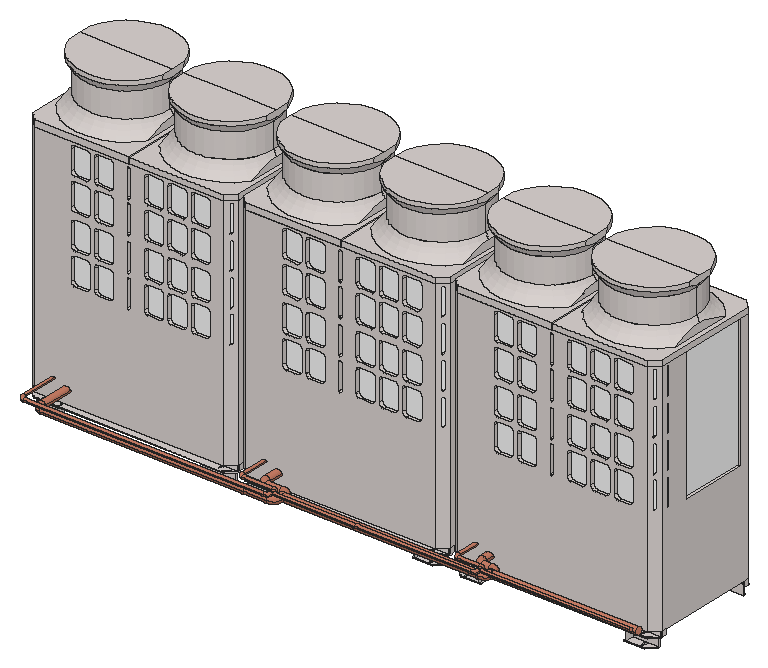
Revit family "PUHY-EP1100YSNW-A", category Mechanical Equipment, Revit 2012 (continued)
Definition of nested family "PUHY-EP350YNW-A"
  Dimensions and locks
    cut or joined group 1 (Extrusion 1, Extrusion 2, Extrusion 3, Extrusion 4, Extrusion 5, Extrusion 6, Extrusion 7, Extrusion 8, Extrusion 9, Extrusion 10, Extrusion 11, Extrusion 12, Extrusion 13, Extrusion 14, Extrusion 15, Extrusion 16, Extrusion 17, Extrusion 18, Extrusion 19, Extrusion 20, Extrusion 21, Extrusion 22, Extrusion 23, Extrusion 24, Extrusion 25, Extrusion 26, Extrusion 27, Extrusion 28, Extrusion 29, Extrusion 30, Extrusion 31, Extrusion 32, Extrusion 33) to plane 3 "Center (Left/Right)" = 620 mm
    Extrusion 1 sketch curve to Extrusion 1 sketch curve = 1240 mm
    cut or joined group 1 to plane 8 = 185 mm
    cut or joined group 1 to plane 7 = 166 mm
    cut or joined group 1 to plane 6 = 110 mm
    cut or joined group 1 to plane 12 to cut or joined group 1 = 805 mm, 621 mm
    plane 5 to plane 2 = 1858 mm  (x2)
    cut or joined group 1 to plane 19 "132" = 132 mm
    cut or joined group 1 to plane 22 = 207 mm
    cut or joined group 1 to plane 23 = 256 mm
    cut or joined group 1 to plane 6 = 60 mm
    cut or joined group 1 to cut or joined group 1 = 42.154 mm
    cut or joined group 1 to cut or joined group 1 = 11.895 mm
    nested 1 to nested 3 to level = 1798 mm, 60 mm
    nested 1 to nested 1 = 303 mm
    nested 1 to nested 3 = 1495 mm
    nested 8 to nested 8 to nested 8 to nested 7 to nested 7 to nested 7 = 54 mm, 20 mm, 592 mm, 20 mm, 54 mm
    nested 3 to nested 3 = 56 mm
    plane 11 to plane 31 to plane 32 to cut or joined group 1 = 90 mm, 1060 mm, 90 mm
    curve 103 to nested 7 = 90 mm
    curve 104 to nested 7 = 125 mm
    curve 101 to nested 7 = 100 mm
    curve 11 to curve 13 to nested 7 = 84 mm, 71 mm
    cut or joined group 1 to curve 12 to curve 14 = 125 mm, 148 mm
    nested 2 to nested 7 = 1495 mm
    curve 87 to cut or joined group 1 = 152 mm
    curve 88 to cut or joined group 1 = 172 mm
    curve 89 to cut or joined group 1 = 216 mm
    cut or joined group 1 to curve 4 to curve 2 = 128 mm, 150 mm
    cut or joined group 1 to curve 1 to curve 3 = 79 mm, 94 mm
    Extrusion 32 sketch curve to nested 7 = 116 mm
    cut or joined group 1 to Extrusion 32 sketch curve = 160 mm
    cut or joined group 1 to Extrusion 33 sketch curve = 243 mm
    Extrusion 33 sketch curve to nested 7 = 116 mm
    cut or joined group 1 to cut or joined group 1 = 740 mm
    plane 30 to plane 4 = 740 mm
    aligned and locked: level to plane 2
    aligned and locked: Extrusion 1 to plane 4
  Nested families
    nested 1: "FAN GUARD" at (-311.5, 2, 860), type "FAN GUARD"
      with WIDTH 870 mm
    nested 2: "FAN GUARD" at (311.5, 2, 860) x (-1, 0, 0) z (0, 0, 1), type "FAN GUARD"
      with WIDTH 870 mm
    nested 3: "ATTACHMENT LEG" at (-524, -349, 0), type "ATTACHMENT LEG"
    nested 4: "ATTACHMENT LEG" at (-524, 349, 0), type "ATTACHMENT LEG"
    nested 5: "ATTACHMENT LEG" at (524, -349, 0) x (-1, 0, 0) z (0, 0, 1), type "ATTACHMENT LEG"
    nested 6: "ATTACHMENT LEG" at (524, 349, 0) x (-1, 0, 0) z (0, 0, 1), type "ATTACHMENT LEG"
    nested 7: "BASE LEG_L_" at (0, -352, 60), type "BASE LEG_L_"
      with Width 1240 mm
    nested 8: "BASE LEG_L_" at (0, 352, 60), type "BASE LEG_L_"
      with Width 1240 mm
  Connectors
    piping at (-460, -191, 176), driven by "Liquid pipe_radius"
      settings: on cut or joined group 1, index 3, connector radius 12.7 mm, flow factor 0, pipe flow 0.0 L/s, pressure drop 0.0 Pa, fitting loss kfactor 0, connector angle 0.00°, fixture units 0, engagement length 0 mm, flow configuration 0, flow direction 0, fitting loss method 0, system type 22, joint type 0, gender type 0, connector reference index -1, connector utility 0, adjustable connector no, is connector primary yes, fitting loss table "", connector description "Refrigerant service valve<Liquid pipe>"
    piping at (-377, -191, 176), driven by "Gas pipe_radius"
      settings: on cut or joined group 1, index 4, connector radius 14.29 mm, flow factor 0, pipe flow 0.0 L/s, pressure drop 0.0 Pa, fitting loss kfactor 0, connector angle 0.00°, fixture units 0, engagement length 0 mm, flow configuration 0, flow direction 0, fitting loss method 0, system type 22, joint type 0, gender type 0, connector reference index -1, connector utility 0, adjustable connector no, is connector primary no, fitting loss table "", connector description "Refrigerant service valve<Gas>"
    electrical at (0, -370, 808)
      settings: on cut or joined group 1, index 5, voltage 0 V, apparent load 0 VA, apparent load phase1 0 VA, apparent load phase2 0 VA, apparent load phase3 0 VA, power factor 1, load classification "HVAC", number of poles 1, system type 30, power factor state 1, is connector primary yes, connector utility no, sub classification motor no, connector description ""
  Definition of nested family "FAN GUARD"
    Parameters (values of type "FAN GUARD")
      WIDTH [instance] = 870 mm
    Reference planes
      plane 1 "中心(正面/背面)": y = -2
      plane 2: z = 0
      plane 3 "ファンガード基準面": z = 661
      plane 4: y = 368
      plane 5: x = 366
      plane 6: x = -375
      plane 7 "ファンガード基準上面": z = 695
      plane 8 "ファンガード上面": z = 998
      plane 9: x = -273.971
      plane 10: x = 308.5
      plane 11: x = -308.5
      plane 12: x = 0
    Forms (mm)
      Extrusion 1, solid, material "Paint_5Y 8/1"
        sketch origin (85, 0, 661) x (-1, 0, 0) y (0, -1, 0)
          loop
            line (343.5, -368) -> (393.5, -318) -> (393.5, 322) -> (343.5, 372) -> (-223.5, 372) -> (-223.5, -368) -> (343.5, -368)
        from 0 to 34
      Revolve 2, solid, material "Paint_5Y 8/1"
        sketch origin (0, -2, 0) x (1, 0, 0) y (0, 0, 1)
          loop
            line (0, 695) -> (0, 998) -> (-290, 998) -> (-290, 972.327) -> (-260, 928.372) -> (-260, 777.384)
            arc (-260, 777.384) -> (-290.651, 730.137) -> (-334.665, 695) r 175.882
            line (-334.665, 695) -> (0, 695)
          axis (0, 998) -> (0, 695)
        angle from 0 to 360
      Extrusion 3, void
        sketch origin (-840, 75, 695) x (-1, 0, 0) y (0, -1, 0)
          loop
            line (-410, -165) -> (-410, 315) -> (-561.253, 315) -> (-561.253, -165) -> (-410, -165)
        from -35 to 430.592
      Extrusion 4, void
        sketch origin (840, 75, 695) x (1, 0, 0) y (0, 1, 0)
          loop
            line (-410, 165) -> (-561.253, 165) -> (-561.253, -315) -> (-410, -315) -> (-410, 165)
        from 0 to 430.592
    Cuts and joins
      Extrusion 3, Extrusion 4 cuts Revolve 2
      Extrusion 4 cuts Extrusion 1
    Lines and regions (mm)
      model lines
        curve 1: line (-278.747, 0, 998) -> (-80, 0, 998)
        curve 2: line (80, 0, 998) -> (278.747, 0, 998)
        curve 3: circle (0, 0, 998) r 80 normal (0, 0, 1)
        curve 4: line (-278.747, -80, 998) -> (278.747, -80, 998)
        curve 5: line (-241.868, -160, 998) -> (241.868, -160, 998)
        curve 6: line (-162.788, -240, 998) -> (162.788, -240, 998)
        curve 7: line (-278.747, 80, 998) -> (278.747, 80, 998)
        curve 8: line (-241.868, 160, 998) -> (240, 160, 998)
        curve 9: line (-160, 240, 998) -> (162.788, 240, 998)
        curve 10: line (0, 290, 998) -> (0, -290, 998)
        curve 11: line (-20, 289.31, 998) -> (-20, -289.31, 998)
        curve 12: line (-40, 287.228, 998) -> (-40, -287.228, 998)
        curve 13: line (-60, 283.725, 998) -> (-60, -283.725, 998)
        curve 14: line (-80, 278.747, 998) -> (-80, -278.747, 998)
        curve 15: line (20, 289.31, 998) -> (20, -289.31, 998)
        curve 16: line (40, 287.228, 998) -> (40, -287.228, 998)
        curve 17: line (60, 283.725, 998) -> (60, -283.725, 998)
        curve 18: line (80, 278.747, 998) -> (80, -278.747, 998)
        curve 19: line (100, 272.213, 998) -> (100, -272.213, 998)
        curve 20: line (120, 264.008, 998) -> (120, -264.008, 998)
        curve 21: line (140, 253.969, 998) -> (140, -253.969, 998)
        curve 22: line (160, 241.868, 998) -> (160, -243.132, 998)
        curve 23: line (180, 227.376, 998) -> (180, -227.624, 998)
        curve 24: line (200, 210, 998) -> (200, -210, 998)
        curve 25: line (220, 188.944, 998) -> (220, -188.944, 998)
        curve 26: line (240, 160, 998) -> (240, -162.788, 998)
        curve 27: line (260, 128.452, 998) -> (260, -128.452, 998)
        curve 28: line (-100, 272.213, 998) -> (-100, -272.213, 998)
        curve 29: line (-120, 264.008, 998) -> (-120, -264.008, 998)
        curve 30: line (-140, 253.969, 998) -> (-140, -253.969, 998)
        curve 31: line (-160, 240, 998) -> (-160, -241.868, 998)
        curve 32: line (-180, 227.376, 998) -> (-180, -227.376, 998)
        curve 33: line (-200, 210, 998) -> (-200, -210, 998)
        curve 34: line (-220, 188.944, 998) -> (-220, -188.944, 998)
        curve 35: line (-240, 162.788, 998) -> (-240, -162.788, 998)
        curve 36: line (-260, 128.452, 998) -> (-260, -128.452, 998)
        curve 37: line (10, 79.373, 998) -> (10, -79.373, 998)
        curve 38: line (-10, 79.373, 998) -> (-10, -79.373, 998)
        curve 39: line (30, 74.162, 998) -> (30, -74.162, 998)
        curve 40: line (50, 62.45, 998) -> (50, -62.45, 998)
        curve 41: line (70, 38.73, 998) -> (70, -38.73, 998)
        curve 42: line (-30, 74.162, 998) -> (-30, -74.162, 998)
        curve 43: line (-50, 62.45, 998) -> (-50, -62.45, 998)
        curve 44: line (-70, 38.73, 998) -> (-70, -38.73, 998)
    Dimensions and locks
      locked: plane 8 "ファンガード上面" to plane 7 "ファンガード基準上面" at 303
      plane 8 "ファンガード上面" to plane 3 "ファンガード基準面" = 337 mm
      Revolve 2 sketch curve to Revolve 2 sketch curve = 290 mm
      Extrusion 1 sketch curve to Extrusion 1 sketch curve = 740 mm
      equal spacing: Extrusion 1 sketch curve, plane 1 "中心(正面/背面)", Extrusion 1 sketch curve
      plane 6 to plane 5 = 741 mm
      Extrusion 1 sketch curve to Extrusion 1 sketch curve = 617 mm
      plane 11 to plane 10 = 617 mm
      cut or joined group of Extrusion 1, Extrusion 4 to cut or joined group of Extrusion 1, Extrusion 4 = 617 mm
      cut or joined group of Extrusion 1, Extrusion 4 to cut or joined group of Extrusion 1, Extrusion 4 = 740 mm
      aligned and locked: level to plane 2
      aligned and locked: plane 7 "ファンガード基準上面" to Extrusion 1
      aligned and locked: plane 3 "ファンガード基準面" to Extrusion 1
      aligned and locked: cut or joined group of Revolve 2, Extrusion 3, Extrusion 4 to plane 8 "ファンガード上面"
  Definition of nested family "ATTACHMENT LEG"
    Parameters (values of type "ATTACHMENT LEG")
      Width = 145 mm
    Reference planes
      plane 1: z = 0
      plane 2 "中心(左/右)": x = -6
      plane 3: x = -52
      plane 4: x = 85
      plane 5: x = 93
      plane 6: y = -21
      plane 7: y = 27
      plane 8: x = -30
      plane 9: y = 39
      plane 10: z = 60
      plane 11: z = 57
      plane 12: z = 3
      plane 13: x = 82
      plane 14: y = 36
      plane 15: x = -75
      plane 16: y = 31
      plane 17 "幅": x = 93
      plane 18: y = 2.5
      plane 19: y = 21
      plane 20: y = -10
    Forms (mm)
      Extrusion 1, solid, material "Paint_5Y 8/1"
        sketch origin (0, -1, 0) x (1, 0, 0) y (0, 1, 0)
          loop
            line (-75, 36) -> (-75, 27) -> (-28, -20) -> (93, -20) -> (93, 32) -> (85, 32) -> (85, 36) -> (-75, 36)
        from 0 to 60
      Extrusion 2, void
        sketch origin (0, -3, 0) x (1, 0, 0) y (0, 0, 1)
          loop
            line (-75, 57) -> (-75, 3) -> (82, 3) -> (82, 57) -> (-75, 57)
          loop
            line (93, 57) -> (85, 57) -> (85, 3) -> (93, 3) -> (93, 57)
        from -35 to 18
      Extrusion 3, void
        sketch origin (-6, 5.5, 0) x (1, 0, 0) y (0, 1, 0)
          loop
            arc (-7, -8.5) -> (0, -15.5) -> (7, -8.5) r 7
            line (7, -8.5) -> (7, 8.5)
            arc (7, 8.5) -> (0, 15.5) -> (-7, 8.5) r 7
            line (-7, 8.5) -> (-7, -8.5)
        from 0 to 60
    Cuts and joins
      Extrusion 2, Extrusion 3 cuts Extrusion 1
    Dimensions and locks
      locked: plane 3 to plane 4 at 137
      locked: plane 3 to plane 5 at 145
      plane 6 to plane 7 = 48 mm
      locked: plane 10 to level at 60
      Extrusion 3 sketch curve to plane 2 "中心(左/右)" = 7 mm
      locked: plane 15 to plane 2 "中心(左/右)" at 69
      locked: plane 15 to plane 8 at 45
      locked: plane 6 to plane 18 at 23.5
      cut or joined group of Extrusion 1, Extrusion 2, Extrusion 3 to cut or joined group of Extrusion 1, Extrusion 2, Extrusion 3 = 168 mm
      cut or joined group of Extrusion 1, Extrusion 2, Extrusion 3 to cut or joined group of Extrusion 1, Extrusion 2, Extrusion 3 = 56 mm  (x2)
      plane 14 to plane 6 = 57 mm
      aligned and locked: level to plane 1
      aligned and locked: Extrusion 1 sketch curve to plane 4
      aligned and locked: Extrusion 1 sketch curve to plane 5
      aligned: plane 8 to Extrusion 1 sketch curve
      aligned and locked: plane 10 to Extrusion 1
      aligned and locked: Extrusion 2 sketch curve to plane 11
      aligned: plane 3 to Extrusion 2 sketch curve
      aligned and locked: plane 12 to Extrusion 2 sketch curve
      aligned and locked: Extrusion 2 sketch curve to plane 13
      aligned and locked: plane 6 to Extrusion 2
      aligned and locked: plane 11 to Extrusion 2 sketch curve
      aligned and locked: plane 5 to Extrusion 2 sketch curve
      aligned and locked: Extrusion 2 sketch curve to plane 12
      aligned and locked: Extrusion 2 sketch curve to plane 4
      aligned and locked: plane 15 to Extrusion 1 sketch curve
      aligned and locked: Extrusion 2 sketch curve to cut or joined group of Extrusion 1, Extrusion 2, Extrusion 3
      aligned and locked: Extrusion 1 to plane 16
  Definition of nested family "BASE LEG_L_"
    Parameters (values of type "BASE LEG_L_")
      Width [instance] = 1240 mm
    Reference planes
      plane 1 "中心(正面/背面)": y = 0
      plane 2: z = 0
      plane 3 "中心(左/右)": x = 0
      plane 4: x = 620
      plane 5: x = -620
      plane 6: x = -530
      plane 7: x = 530
      plane 8: y = -18
      plane 9: y = 39
      plane 10: z = 53
      plane 11: y = 42
      plane 12: y = 27
      plane 13: x = 575
      plane 14: x = -575
      plane 15: z = 8
      plane 16: y = 11.5
      plane 17: z = 35
    Forms (mm)
      Extrusion 1, solid, material "Paint_5Y 8/1"
        sketch origin (0, 0, 0) x (0, 1, 0) y (0, 0, 1)
          loop
            line (-18, 0) -> (36, 0) -> (36, 32) -> (56, 32) -> (56, 35) -> (33, 35) -> (33, 3) -> (-18, 3) -> (-18, 0)
        from -620 to 620
      Extrusion 2, void
        sketch origin (0, 0, 0) x (1, 0, 0) y (0, 1, 0)
          loop
            line (575, -18) -> (620, -18) -> (620, 27) -> (575, -18)
          loop
            line (-575, -18) -> (-620, 27) -> (-620, -18) -> (-575, -18)
        from 0 to 250
      Extrusion 3, void
        sketch origin (0, 12.023, 0) x (1, 0, 0) y (0, 1, 0)
          loop
            arc (523, -2.971) -> (530, -9.971) -> (537, -2.971) r 7
            line (537, -2.971) -> (537, 3.023)
            arc (537, 3.023) -> (530, 10.023) -> (523, 3.023) r 7
            line (523, 3.023) -> (523, -2.971)
          loop
            line (-523, -2.971) -> (-523, 3.023)
            arc (-523, 3.023) -> (-530, 10.023) -> (-537, 3.023) r 7
            line (-537, 3.023) -> (-537, -2.971)
            arc (-537, -2.971) -> (-530, -9.971) -> (-523, -2.971) r 7
        from 0 to 250
      Extrusion 4, solid, material "Paint_5Y 8/1"
        sketch origin (0, 0, -3) x (1, 0, 0) y (0, 0, 1)
          loop
            line (617, 8) -> (620, 8) -> (620, 35) -> (617, 35) -> (617, 8)
          loop
            line (-617, 8) -> (-617, 35) -> (-620, 35) -> (-620, 8) -> (-617, 8)
        from -36 to -56
      Extrusion 5, solid, material "Paint_5Y 8/1"
        sketch origin (150, 352, 0) x (1, 0, 0) y (0, 1, 0)
          loop
            line (460, -319) -> (455, -319) -> (455, -320) -> (405, -370) -> (410, -370) -> (460, -320) -> (460, -319)
        from 3 to 35
      Extrusion 6, void
        sketch origin (560, -18, 0) x (0.707107, 0.707107, 0) y (0, 0, 1)
          loop
            line (70.711, 3) -> (-6.741, 39.767) -> (-6.741, 3) -> (70.711, 3)
        from -190.256 to 23.776
      Extrusion 7, solid, material "Paint_5Y 8/1"
        sketch origin (-150, 352, 0) x (-1, 0, 0) y (0, -1, 0)
          loop
            line (460, 319) -> (460, 320) -> (410, 370) -> (405, 370) -> (455, 320) -> (455, 319) -> (460, 319)
        from 3 to 35
      Extrusion 8, void
        sketch origin (-560, -18, 0) x (0.707107, -0.707107, 0) y (0, 0, -1)
          loop
            line (-70.711, -3) -> (0, -35) -> (6.741, -35) -> (6.741, -3) -> (-70.711, -3)
        from -190.256 to 23.776
    Cuts and joins
      Extrusion 2, Extrusion 3 cuts Extrusion 1
      joined: Extrusion 1, Extrusion 4
      Extrusion 8 cuts Extrusion 7
      Extrusion 6 cuts Extrusion 5
    Dimensions and locks
      "Width": plane 5 to plane 4
      equal spacing: plane 5, plane 3 "中心(左/右)", plane 4
      locked: plane 5 to plane 6 at 90
      locked: plane 7 to plane 4 at 90
      locked: plane 8 to plane 9 at 57
      locked: plane 10 to level at 53
      locked: plane 9 to plane 11 at 3
      plane 8 to plane 12 = 45 mm
      locked: plane 13 to plane 4 at 45
      locked: plane 5 to plane 14 at 45
      equal spacing: Extrusion 3 sketch curve, plane 7, Extrusion 3 sketch curve
      equal spacing: Extrusion 3 sketch curve, plane 6, Extrusion 3 sketch curve
      locked: plane 10 to plane 15 at 45
      locked: cut or joined group of Extrusion 1, Extrusion 2, Extrusion 3, Extrusion 4 to Extrusion 4 sketch curve at 3  (x2)
      locked: plane 8 to plane 16 at 29.5
      plane 8 to plane 11 = 60 mm
      cut or joined group of Extrusion 1, Extrusion 2, Extrusion 3, Extrusion 4 to cut or joined group of Extrusion 1, Extrusion 2, Extrusion 3, Extrusion 4 = 35 mm
      aligned and locked: level to plane 2
      aligned and locked: plane 8 to Extrusion 1 sketch curve
      aligned and locked: plane 4 to Extrusion 1
      aligned and locked: Extrusion 1 to plane 5
      aligned and locked: Extrusion 2 sketch curve to plane 4
      aligned and locked: Extrusion 2 sketch curve to plane 8
      aligned and locked: plane 12 to Extrusion 2 sketch curve
      aligned and locked: plane 13 to Extrusion 2 sketch curve
      aligned and locked: plane 4 to Extrusion 4 sketch curve
      aligned and locked: plane 5 to Extrusion 4 sketch curve
      aligned and locked: cut or joined group of Extrusion 7, Extrusion 8 to cut or joined group of Extrusion 1, Extrusion 2, Extrusion 3, Extrusion 4
    Automatic sketch dimensions
      Extrusion 3 sketch curve to plane 1 "中心(正面/背面)" = 9.052 mm  (x2)
      Extrusion 3 sketch curve to plane 7 = 7 mm
      Extrusion 3 sketch curve to plane 1 "中心(正面/背面)" = 15.046 mm  (x2)
      Extrusion 3 sketch curve to plane 6 = 7 mm
      Extrusion 2 sketch curve to plane 5 = 0 mm
      plane 8 to Extrusion 2 sketch curve = 0 mm
      Extrusion 2 sketch curve to plane 14 = 0 mm
      plane 12 to Extrusion 2 sketch curve = 0 mm
      Extrusion 4 sketch curve to plane 10 = 21 mm
      plane 7 to Extrusion 5 sketch curve = 25 mm
      Extrusion 5 sketch curve to Extrusion 5 sketch curve = 5 mm  (x2)
      plane 7 to Extrusion 5 sketch curve = 75 mm
      plane 8 to Extrusion 5 sketch curve = 0 mm
      Extrusion 5 sketch curve to Extrusion 5 sketch curve = 50 mm
      Extrusion 5 sketch curve to Extrusion 5 sketch curve = 0 mm
      Extrusion 5 sketch curve to Extrusion 5 sketch curve = 1 mm
      Extrusion 6 sketch curve to Extrusion 5 = 0 mm  (x2)
      Extrusion 6 sketch curve to Extrusion 5 = 6.741 mm
      Extrusion 6 sketch curve to Extrusion 5 = 4.767 mm
      plane 6 to Extrusion 7 sketch curve = 25 mm
      Extrusion 7 sketch curve to Extrusion 7 sketch curve = 5 mm  (x2)
      Extrusion 7 sketch curve to Extrusion 7 sketch curve = 45 mm
      Extrusion 7 sketch curve to plane 8 = 0 mm
      Extrusion 7 sketch curve to Extrusion 7 sketch curve = 50 mm
      Extrusion 7 sketch curve to Extrusion 7 sketch curve = 0 mm
      Extrusion 7 sketch curve to Extrusion 7 sketch curve = 1 mm
      Extrusion 8 sketch curve to Extrusion 7 = 0 mm  (x2)
      Extrusion 7 to Extrusion 8 sketch curve = 0 mm  (x2)
      Extrusion 7 to Extrusion 8 sketch curve = 6.741 mm
      Extrusion 4 sketch curve to plane 17 = 3 mm
      Extrusion 4 sketch curve to plane 15 = 3 mm  (x2)
      Extrusion 1 sketch curve to plane 17 = 0 mm
      Extrusion 1 sketch curve to level = 0 mm
      level to Extrusion 1 sketch curve = 3 mm
      plane 9 to Extrusion 1 sketch curve = 6 mm
      plane 9 to Extrusion 1 sketch curve = 3 mm
      Extrusion 1 sketch curve to plane 17 = 3 mm
      Extrusion 1 sketch curve to plane 11 = 14 mm
Definition of nested family "PUHY-EP400YNW-A"
  Parameters (values of type "PUHY-P400YNW-A")
    Model = "PUHY-P400YNW-A"
    URL = "http://www.mitsubishielectric.com/"
    Manufacturer = "Mitsubishi Electric Corporation"
    Liquid pipe_radius = 12.7 mm
    Gas pipe_radius = 14.29 mm
  Reference planes
    plane 1 "Center (Front/Back)": y = 0
    plane 2: z = 0
    plane 3 "Center (Left/Right)": x = 0
    plane 4: y = 370
    plane 5: z = 1858
    plane 6: y = -260
    plane 7: y = -204
    plane 8: y = -185
    plane 9: x = -620
    plane 10: x = 620
    plane 11: x = -620
    plane 12: z = 716
    plane 13: x = -524
    plane 14: z = 669
    plane 15: x = -50.5
    plane 16: x = 51
    plane 17: x = 489
    plane 18: x = 467
    plane 19 "132": x = 488
    plane 20 "100": z = 160
    plane 21: z = 185
    plane 22: x = 413
    plane 23: x = 364
    plane 24: z = 150
    plane 25: x = -287.25
    plane 26: x = -137.25
    plane 27: x = -272.25
    plane 28: y = -278
    plane 29: z = 1509
    plane 30: y = -370
    plane 31: x = -530
    plane 32: x = 530
    plane 33 "179": y = -191
  Forms (mm)
    Extrusion 1, solid, material "Paint_5Y 8/1"
      sketch origin (-1, 0, 113) x (-1, 0, 0) y (0, -1, 0)
        loop
          line (569, -370) -> (619, -320) -> (619, 320) -> (569, 370) -> (-571, 370) -> (-621, 320) -> (-621, -320) -> (-571, -370) -> (569, -370)
      from -18 to 1408
    Extrusion 2, void
      sketch origin (524, -370, 113) x (1, 0, 0) y (0, 0, -1)
        loop
          arc (-60.8, -1393.5) -> (-42.557, -1385.943) -> (-35, -1367.7) r 25.8
          line (-35, -1367.7) -> (-35, -1248.5)
          arc (-35, -1248.5) -> (-42.557, -1230.257) -> (-60.8, -1222.7) r 25.8
          line (-60.8, -1222.7) -> (-126, -1222.7)
          arc (-126, -1222.7) -> (-144.243, -1230.257) -> (-151.8, -1248.5) r 25.8
          line (-151.8, -1248.5) -> (-151.8, -1367.7)
          arc (-151.8, -1367.7) -> (-144.243, -1385.943) -> (-126, -1393.5) r 25.8
          line (-126, -1393.5) -> (-60.8, -1393.5)
      from 0 to 20
    Extrusion 3, void
      sketch origin (524, -370, -81) x (1, 0, 0) y (0, 0, -1)
        loop
          arc (-60.8, -1393.5) -> (-42.557, -1385.943) -> (-35, -1367.7) r 25.8
          line (-35, -1367.7) -> (-35, -1248.5)
          arc (-35, -1248.5) -> (-42.557, -1230.257) -> (-60.8, -1222.7) r 25.8
          line (-60.8, -1222.7) -> (-126, -1222.7)
          arc (-126, -1222.7) -> (-144.243, -1230.257) -> (-151.8, -1248.5) r 25.8
          line (-151.8, -1248.5) -> (-151.8, -1367.7)
          arc (-151.8, -1367.7) -> (-144.243, -1385.943) -> (-126, -1393.5) r 25.8
          line (-126, -1393.5) -> (-60.8, -1393.5)
      from 0 to 20
    Extrusion 4, void
      sketch origin (524, -370, -287) x (1, 0, 0) y (0, 0, -1)
        loop
          arc (-60.8, -1393.5) -> (-42.557, -1385.943) -> (-35, -1367.7) r 25.8
          line (-35, -1367.7) -> (-35, -1248.5)
          arc (-35, -1248.5) -> (-42.557, -1230.257) -> (-60.8, -1222.7) r 25.8
          line (-60.8, -1222.7) -> (-126, -1222.7)
          arc (-126, -1222.7) -> (-144.243, -1230.257) -> (-151.8, -1248.5) r 25.8
          line (-151.8, -1248.5) -> (-151.8, -1367.7)
          arc (-151.8, -1367.7) -> (-144.243, -1385.943) -> (-126, -1393.5) r 25.8
          line (-126, -1393.5) -> (-60.8, -1393.5)
      from 0 to 20
    Extrusion 5, void
      sketch origin (524, -370, -481) x (1, 0, 0) y (0, 0, -1)
        loop
          arc (-60.8, -1393.5) -> (-42.557, -1385.943) -> (-35, -1367.7) r 25.8
          line (-35, -1367.7) -> (-35, -1248.5)
          arc (-35, -1248.5) -> (-42.557, -1230.257) -> (-60.8, -1222.7) r 25.8
          line (-60.8, -1222.7) -> (-126, -1222.7)
          arc (-126, -1222.7) -> (-144.243, -1230.257) -> (-151.8, -1248.5) r 25.8
          line (-151.8, -1248.5) -> (-151.8, -1367.7)
          arc (-151.8, -1367.7) -> (-144.243, -1385.943) -> (-126, -1393.5) r 25.8
          line (-126, -1393.5) -> (-60.8, -1393.5)
      from 0 to 20
    Extrusion 6, void
      sketch origin (384, -370, 113) x (1, 0, 0) y (0, 0, -1)
        loop
          arc (-60.8, -1393.5) -> (-42.557, -1385.943) -> (-35, -1367.7) r 25.8
          line (-35, -1367.7) -> (-35, -1248.5)
          arc (-35, -1248.5) -> (-42.557, -1230.257) -> (-60.8, -1222.7) r 25.8
          line (-60.8, -1222.7) -> (-126, -1222.7)
          arc (-126, -1222.7) -> (-144.243, -1230.257) -> (-151.8, -1248.5) r 25.8
          line (-151.8, -1248.5) -> (-151.8, -1367.7)
          arc (-151.8, -1367.7) -> (-144.243, -1385.943) -> (-126, -1393.5) r 25.8
          line (-126, -1393.5) -> (-60.8, -1393.5)
      from 0 to 20
    Extrusion 7, void
      sketch origin (384, -370, -81) x (1, 0, 0) y (0, 0, -1)
        loop
          arc (-60.8, -1393.5) -> (-42.557, -1385.943) -> (-35, -1367.7) r 25.8
          line (-35, -1367.7) -> (-35, -1248.5)
          arc (-35, -1248.5) -> (-42.557, -1230.257) -> (-60.8, -1222.7) r 25.8
          line (-60.8, -1222.7) -> (-126, -1222.7)
          arc (-126, -1222.7) -> (-144.243, -1230.257) -> (-151.8, -1248.5) r 25.8
          line (-151.8, -1248.5) -> (-151.8, -1367.7)
          arc (-151.8, -1367.7) -> (-144.243, -1385.943) -> (-126, -1393.5) r 25.8
          line (-126, -1393.5) -> (-60.8, -1393.5)
      from 0 to 20
    Extrusion 8, void
      sketch origin (384, -370, -287) x (1, 0, 0) y (0, 0, -1)
        loop
          arc (-60.8, -1393.5) -> (-42.557, -1385.943) -> (-35, -1367.7) r 25.8
          line (-35, -1367.7) -> (-35, -1248.5)
          arc (-35, -1248.5) -> (-42.557, -1230.257) -> (-60.8, -1222.7) r 25.8
          line (-60.8, -1222.7) -> (-126, -1222.7)
          arc (-126, -1222.7) -> (-144.243, -1230.257) -> (-151.8, -1248.5) r 25.8
          line (-151.8, -1248.5) -> (-151.8, -1367.7)
          arc (-151.8, -1367.7) -> (-144.243, -1385.943) -> (-126, -1393.5) r 25.8
          line (-126, -1393.5) -> (-60.8, -1393.5)
      from 0 to 20
    Extrusion 9, void
      sketch origin (384, -370, -481) x (1, 0, 0) y (0, 0, -1)
        loop
          arc (-60.8, -1393.5) -> (-42.557, -1385.943) -> (-35, -1367.7) r 25.8
          line (-35, -1367.7) -> (-35, -1248.5)
          arc (-35, -1248.5) -> (-42.557, -1230.257) -> (-60.8, -1222.7) r 25.8
          line (-60.8, -1222.7) -> (-126, -1222.7)
          arc (-126, -1222.7) -> (-144.243, -1230.257) -> (-151.8, -1248.5) r 25.8
          line (-151.8, -1248.5) -> (-151.8, -1367.7)
          arc (-151.8, -1367.7) -> (-144.243, -1385.943) -> (-126, -1393.5) r 25.8
          line (-126, -1393.5) -> (-60.8, -1393.5)
      from 0 to 20
    Extrusion 10, void
      sketch origin (244, -370, 113) x (1, 0, 0) y (0, 0, -1)
        loop
          arc (-60.8, -1393.5) -> (-42.557, -1385.943) -> (-35, -1367.7) r 25.8
          line (-35, -1367.7) -> (-35, -1248.5)
          arc (-35, -1248.5) -> (-42.557, -1230.257) -> (-60.8, -1222.7) r 25.8
          line (-60.8, -1222.7) -> (-126, -1222.7)
          arc (-126, -1222.7) -> (-144.243, -1230.257) -> (-151.8, -1248.5) r 25.8
          line (-151.8, -1248.5) -> (-151.8, -1367.7)
          arc (-151.8, -1367.7) -> (-144.243, -1385.943) -> (-126, -1393.5) r 25.8
          line (-126, -1393.5) -> (-60.8, -1393.5)
      from 0 to 20
    Extrusion 11, void
      sketch origin (244, -370, -81) x (1, 0, 0) y (0, 0, -1)
        loop
          arc (-60.8, -1393.5) -> (-42.557, -1385.943) -> (-35, -1367.7) r 25.8
          line (-35, -1367.7) -> (-35, -1248.5)
          arc (-35, -1248.5) -> (-42.557, -1230.257) -> (-60.8, -1222.7) r 25.8
          line (-60.8, -1222.7) -> (-126, -1222.7)
          arc (-126, -1222.7) -> (-144.243, -1230.257) -> (-151.8, -1248.5) r 25.8
          line (-151.8, -1248.5) -> (-151.8, -1367.7)
          arc (-151.8, -1367.7) -> (-144.243, -1385.943) -> (-126, -1393.5) r 25.8
          line (-126, -1393.5) -> (-60.8, -1393.5)
      from 0 to 20
    Extrusion 12, void
      sketch origin (244, -370, -287) x (1, 0, 0) y (0, 0, -1)
        loop
          arc (-60.8, -1393.5) -> (-42.557, -1385.943) -> (-35, -1367.7) r 25.8
          line (-35, -1367.7) -> (-35, -1248.5)
          arc (-35, -1248.5) -> (-42.557, -1230.257) -> (-60.8, -1222.7) r 25.8
          line (-60.8, -1222.7) -> (-126, -1222.7)
          arc (-126, -1222.7) -> (-144.243, -1230.257) -> (-151.8, -1248.5) r 25.8
          line (-151.8, -1248.5) -> (-151.8, -1367.7)
          arc (-151.8, -1367.7) -> (-144.243, -1385.943) -> (-126, -1393.5) r 25.8
          line (-126, -1393.5) -> (-60.8, -1393.5)
      from 0 to 20
    Extrusion 13, void
      sketch origin (244, -370, -481) x (1, 0, 0) y (0, 0, -1)
        loop
          arc (-60.8, -1393.5) -> (-42.557, -1385.943) -> (-35, -1367.7) r 25.8
          line (-35, -1367.7) -> (-35, -1248.5)
          arc (-35, -1248.5) -> (-42.557, -1230.257) -> (-60.8, -1222.7) r 25.8
          line (-60.8, -1222.7) -> (-126, -1222.7)
          arc (-126, -1222.7) -> (-144.243, -1230.257) -> (-151.8, -1248.5) r 25.8
          line (-151.8, -1248.5) -> (-151.8, -1367.7)
          arc (-151.8, -1367.7) -> (-144.243, -1385.943) -> (-126, -1393.5) r 25.8
          line (-126, -1393.5) -> (-60.8, -1393.5)
      from 0 to 20
    Extrusion 14, void
      sketch origin (-56, -370, 113) x (1, 0, 0) y (0, 0, -1)
        loop
          arc (-60.8, -1393.5) -> (-42.557, -1385.943) -> (-35, -1367.7) r 25.8
          line (-35, -1367.7) -> (-35, -1248.5)
          arc (-35, -1248.5) -> (-42.557, -1230.257) -> (-60.8, -1222.7) r 25.8
          line (-60.8, -1222.7) -> (-126, -1222.7)
          arc (-126, -1222.7) -> (-144.243, -1230.257) -> (-151.8, -1248.5) r 25.8
          line (-151.8, -1248.5) -> (-151.8, -1367.7)
          arc (-151.8, -1367.7) -> (-144.243, -1385.943) -> (-126, -1393.5) r 25.8
          line (-126, -1393.5) -> (-60.8, -1393.5)
      from 0 to 20
    Extrusion 15, void
      sketch origin (-56, -370, -81) x (1, 0, 0) y (0, 0, -1)
        loop
          arc (-60.8, -1393.5) -> (-42.557, -1385.943) -> (-35, -1367.7) r 25.8
          line (-35, -1367.7) -> (-35, -1248.5)
          arc (-35, -1248.5) -> (-42.557, -1230.257) -> (-60.8, -1222.7) r 25.8
          line (-60.8, -1222.7) -> (-126, -1222.7)
          arc (-126, -1222.7) -> (-144.243, -1230.257) -> (-151.8, -1248.5) r 25.8
          line (-151.8, -1248.5) -> (-151.8, -1367.7)
          arc (-151.8, -1367.7) -> (-144.243, -1385.943) -> (-126, -1393.5) r 25.8
          line (-126, -1393.5) -> (-60.8, -1393.5)
      from 0 to 20
    Extrusion 16, void
      sketch origin (-56, -370, -287) x (1, 0, 0) y (0, 0, -1)
        loop
          arc (-60.8, -1393.5) -> (-42.557, -1385.943) -> (-35, -1367.7) r 25.8
          line (-35, -1367.7) -> (-35, -1248.5)
          arc (-35, -1248.5) -> (-42.557, -1230.257) -> (-60.8, -1222.7) r 25.8
          line (-60.8, -1222.7) -> (-126, -1222.7)
          arc (-126, -1222.7) -> (-144.243, -1230.257) -> (-151.8, -1248.5) r 25.8
          line (-151.8, -1248.5) -> (-151.8, -1367.7)
          arc (-151.8, -1367.7) -> (-144.243, -1385.943) -> (-126, -1393.5) r 25.8
          line (-126, -1393.5) -> (-60.8, -1393.5)
      from 0 to 20
    Extrusion 17, void
      sketch origin (-56, -370, -481) x (1, 0, 0) y (0, 0, -1)
        loop
          arc (-60.8, -1393.5) -> (-42.557, -1385.943) -> (-35, -1367.7) r 25.8
          line (-35, -1367.7) -> (-35, -1248.5)
          arc (-35, -1248.5) -> (-42.557, -1230.257) -> (-60.8, -1222.7) r 25.8
          line (-60.8, -1222.7) -> (-126, -1222.7)
          arc (-126, -1222.7) -> (-144.243, -1230.257) -> (-151.8, -1248.5) r 25.8
          line (-151.8, -1248.5) -> (-151.8, -1367.7)
          arc (-151.8, -1367.7) -> (-144.243, -1385.943) -> (-126, -1393.5) r 25.8
          line (-126, -1393.5) -> (-60.8, -1393.5)
      from 0 to 20
    Extrusion 18, void
      sketch origin (-196, -370, 113) x (1, 0, 0) y (0, 0, -1)
        loop
          arc (-60.8, -1393.5) -> (-42.557, -1385.943) -> (-35, -1367.7) r 25.8
          line (-35, -1367.7) -> (-35, -1248.5)
          arc (-35, -1248.5) -> (-42.557, -1230.257) -> (-60.8, -1222.7) r 25.8
          line (-60.8, -1222.7) -> (-126, -1222.7)
          arc (-126, -1222.7) -> (-144.243, -1230.257) -> (-151.8, -1248.5) r 25.8
          line (-151.8, -1248.5) -> (-151.8, -1367.7)
          arc (-151.8, -1367.7) -> (-144.243, -1385.943) -> (-126, -1393.5) r 25.8
          line (-126, -1393.5) -> (-60.8, -1393.5)
      from 0 to 20
    Extrusion 19, void
      sketch origin (-196, -370, -81) x (1, 0, 0) y (0, 0, -1)
        loop
          arc (-60.8, -1393.5) -> (-42.557, -1385.943) -> (-35, -1367.7) r 25.8
          line (-35, -1367.7) -> (-35, -1248.5)
          arc (-35, -1248.5) -> (-42.557, -1230.257) -> (-60.8, -1222.7) r 25.8
          line (-60.8, -1222.7) -> (-126, -1222.7)
          arc (-126, -1222.7) -> (-144.243, -1230.257) -> (-151.8, -1248.5) r 25.8
          line (-151.8, -1248.5) -> (-151.8, -1367.7)
          arc (-151.8, -1367.7) -> (-144.243, -1385.943) -> (-126, -1393.5) r 25.8
          line (-126, -1393.5) -> (-60.8, -1393.5)
      from 0 to 20
    Extrusion 20, void
      sketch origin (-196, -370, -287) x (1, 0, 0) y (0, 0, -1)
        loop
          arc (-60.8, -1393.5) -> (-42.557, -1385.943) -> (-35, -1367.7) r 25.8
          line (-35, -1367.7) -> (-35, -1248.5)
          arc (-35, -1248.5) -> (-42.557, -1230.257) -> (-60.8, -1222.7) r 25.8
          line (-60.8, -1222.7) -> (-126, -1222.7)
          arc (-126, -1222.7) -> (-144.243, -1230.257) -> (-151.8, -1248.5) r 25.8
          line (-151.8, -1248.5) -> (-151.8, -1367.7)
          arc (-151.8, -1367.7) -> (-144.243, -1385.943) -> (-126, -1393.5) r 25.8
          line (-126, -1393.5) -> (-60.8, -1393.5)
      from 0 to 20
    Extrusion 21, void
      sketch origin (-196, -370, -481) x (1, 0, 0) y (0, 0, -1)
        loop
          arc (-60.8, -1393.5) -> (-42.557, -1385.943) -> (-35, -1367.7) r 25.8
          line (-35, -1367.7) -> (-35, -1248.5)
          arc (-35, -1248.5) -> (-42.557, -1230.257) -> (-60.8, -1222.7) r 25.8
          line (-60.8, -1222.7) -> (-126, -1222.7)
          arc (-126, -1222.7) -> (-144.243, -1230.257) -> (-151.8, -1248.5) r 25.8
          line (-151.8, -1248.5) -> (-151.8, -1367.7)
          arc (-151.8, -1367.7) -> (-144.243, -1385.943) -> (-126, -1393.5) r 25.8
          line (-126, -1393.5) -> (-60.8, -1393.5)
      from 0 to 20
    Extrusion 22, void
      sketch origin (620, 320, 113) x (0, 1, 0) y (0, 0, -1)
        loop
          line (-462.3, -1408) -> (-50.8, -1408) -> (-50.8, -612) -> (-462.3, -612) -> (-462.3, -1408)
      from 0 to 20
    Extrusion 23, void
      sketch origin (-620, -320, 113) x (0, -1, 0) y (0, 0, -1)
        loop
          line (-535.7, -1408) -> (-207.7, -1408) -> (-207.7, -592) -> (-535.7, -592) -> (-535.7, -1408)
      from 0 to 20
    Extrusion 24, void
      sketch origin (194.892, 370, 113) x (-1, 0, 0) y (0, 0, -1)
        loop
          arc (204.892, -1225.013) -> (194.892, -1215.013) -> (184.892, -1225.013) r 10
          line (184.892, -1225.013) -> (184.892, -1379.987)
          arc (184.892, -1379.987) -> (194.892, -1389.987) -> (204.892, -1379.987) r 10
          line (204.892, -1379.987) -> (204.892, -1225.013)
        loop
          arc (204.892, -1031.013) -> (194.892, -1021.013) -> (184.892, -1031.013) r 10
          line (184.892, -1031.013) -> (184.892, -1185.987)
          arc (184.892, -1185.987) -> (194.892, -1195.987) -> (204.892, -1185.987) r 10
          line (204.892, -1185.987) -> (204.892, -1031.013)
        loop
          arc (204.892, -825.013) -> (194.892, -815.013) -> (184.892, -825.013) r 10
          line (184.892, -825.013) -> (184.892, -979.987)
          arc (184.892, -979.987) -> (194.892, -989.987) -> (204.892, -979.987) r 10
          line (204.892, -979.987) -> (204.892, -825.013)
        loop
          arc (204.892, -631.013) -> (194.892, -621.013) -> (184.892, -631.013) r 10
          line (184.892, -631.013) -> (184.892, -785.987)
          arc (184.892, -785.987) -> (194.892, -795.987) -> (204.892, -785.987) r 10
          line (204.892, -785.987) -> (204.892, -631.013)
      from 0 to 20
    Extrusion 25, void
      sketch origin (-570, 370, 113) x (0.707107, 0.707107, 0) y (0, 0, 1)
        loop
          arc (-45.355, 1236) -> (-35.355, 1226) -> (-25.355, 1236) r 10
          line (-25.355, 1236) -> (-25.355, 1386)
          arc (-25.355, 1386) -> (-35.355, 1396) -> (-45.355, 1386) r 10
          line (-45.355, 1386) -> (-45.355, 1236)
        loop
          arc (-45.355, 1036) -> (-35.355, 1026) -> (-25.355, 1036) r 10
          line (-25.355, 1036) -> (-25.355, 1186)
          arc (-25.355, 1186) -> (-35.355, 1196) -> (-45.355, 1186) r 10
          line (-45.355, 1186) -> (-45.355, 1036)
        loop
          arc (-45.355, 836) -> (-35.355, 826) -> (-25.355, 836) r 10
          line (-25.355, 836) -> (-25.355, 986)
          arc (-25.355, 986) -> (-35.355, 996) -> (-45.355, 986) r 10
          line (-45.355, 986) -> (-45.355, 836)
        loop
          arc (-45.355, 641) -> (-35.355, 631) -> (-25.355, 641) r 10
          line (-25.355, 641) -> (-25.355, 791)
          arc (-25.355, 791) -> (-35.355, 801) -> (-45.355, 791) r 10
          line (-45.355, 791) -> (-45.355, 641)
      from 0 to 20
    Extrusion 26, void
      sketch origin (-620, -320, 113) x (0, -1, 0) y (0, 0, -1)
        loop
          line (-607.846, -1035.895) -> (-607.846, -1186.105)
          arc (-607.846, -1186.105) -> (-597.846, -1196.105) -> (-587.846, -1186.105) r 10
          line (-587.846, -1186.105) -> (-587.846, -1035.895)
          arc (-587.846, -1035.895) -> (-597.846, -1025.895) -> (-607.846, -1035.895) r 10
        loop
          line (-607.846, -835.895) -> (-607.846, -986.105)
          arc (-607.846, -986.105) -> (-597.846, -996.105) -> (-587.846, -986.105) r 10
          line (-587.846, -986.105) -> (-587.846, -835.895)
          arc (-587.846, -835.895) -> (-597.846, -825.895) -> (-607.846, -835.895) r 10
        loop
          line (-607.846, -1235.895) -> (-607.846, -1386.105)
          arc (-607.846, -1386.105) -> (-597.846, -1396.105) -> (-587.846, -1386.105) r 10
          line (-587.846, -1386.105) -> (-587.846, -1235.895)
          arc (-587.846, -1235.895) -> (-597.846, -1225.895) -> (-607.846, -1235.895) r 10
        loop
          line (-607.846, -635.895) -> (-607.846, -786.105)
          arc (-607.846, -786.105) -> (-597.846, -796.105) -> (-587.846, -786.105) r 10
          line (-587.846, -786.105) -> (-587.846, -635.895)
          arc (-587.846, -635.895) -> (-597.846, -625.895) -> (-607.846, -635.895) r 10
      from 0 to 20
    Extrusion 27, void
      sketch origin (1079, -370, 113) x (1, 0, 0) y (0, 0, -1)
        loop
          arc (-1089, -1379.975) -> (-1079, -1389.975) -> (-1069, -1379.975) r 10
          line (-1069, -1379.975) -> (-1069, -1225)
          arc (-1069, -1225) -> (-1079, -1215) -> (-1089, -1225) r 10
          line (-1089, -1225) -> (-1089, -1379.975)
        loop
          arc (-1089, -1185.975) -> (-1079, -1195.975) -> (-1069, -1185.975) r 10
          line (-1069, -1185.975) -> (-1069, -1031)
          arc (-1069, -1031) -> (-1079, -1021) -> (-1089, -1031) r 10
          line (-1089, -1031) -> (-1089, -1185.975)
        loop
          arc (-1089, -979.975) -> (-1079, -989.975) -> (-1069, -979.975) r 10
          line (-1069, -979.975) -> (-1069, -825)
          arc (-1069, -825) -> (-1079, -815) -> (-1089, -825) r 10
          line (-1089, -825) -> (-1089, -979.975)
        loop
          arc (-1089, -785.975) -> (-1079, -795.975) -> (-1069, -785.975) r 10
          line (-1069, -785.975) -> (-1069, -631)
          arc (-1069, -631) -> (-1079, -621) -> (-1089, -631) r 10
          line (-1089, -631) -> (-1089, -785.975)
      from 0 to 20
    Extrusion 28, void
      sketch origin (-571, 370, 113) x (-1, 0, 0) y (0, 0, -1)
        loop
          line (-519.5, -1408) -> (-48, -1408) -> (-48, -556) -> (-519.5, -556) -> (-519.5, -1408)
      from 0 to 20
    Extrusion 29, void
      sketch origin (-571, 370, 113) x (-1, 0, 0) y (0, 0, -1)
        loop
          line (-1038, -1408) -> (-622, -1408) -> (-622, -556) -> (-1038, -556) -> (-1038, -1408)
      from 0 to 20
    Extrusion 30, void
      sketch origin (620, 320, 113) x (0, 1, 0) y (0, 0, -1)
        loop
          arc (-588, -1035.791) -> (-598, -1025.791) -> (-608, -1035.791) r 10
          line (-608, -1035.791) -> (-608, -1186)
          arc (-608, -1186) -> (-598, -1196) -> (-588, -1186) r 10
          line (-588, -1186) -> (-588, -1035.791)
        loop
          arc (-588, -835.791) -> (-598, -825.791) -> (-608, -835.791) r 10
          line (-608, -835.791) -> (-608, -986)
          arc (-608, -986) -> (-598, -996) -> (-588, -986) r 10
          line (-588, -986) -> (-588, -835.791)
        loop
          arc (-588, -1235.791) -> (-598, -1225.791) -> (-608, -1235.791) r 10
          line (-608, -1235.791) -> (-608, -1386)
          arc (-608, -1386) -> (-598, -1396) -> (-588, -1386) r 10
          line (-588, -1386) -> (-588, -1235.791)
        loop
          arc (-588, -635.791) -> (-598, -625.791) -> (-608, -635.791) r 10
          line (-608, -635.791) -> (-608, -786)
          arc (-608, -786) -> (-598, -796) -> (-588, -786) r 10
          line (-588, -786) -> (-588, -635.791)
      from 0 to 20
    Extrusion 31, void
      sketch origin (1291.751, 351.751, 113) x (0.707107, 0.707107, 0) y (0, 0, -1)
        loop
          line (-995.311, -1236) -> (-995.311, -1386)
          arc (-995.311, -1386) -> (-985.311, -1396) -> (-975.311, -1386) r 10
          line (-975.311, -1386) -> (-975.311, -1236)
          arc (-975.311, -1236) -> (-985.311, -1226) -> (-995.311, -1236) r 10
        loop
          line (-995.311, -1036) -> (-995.311, -1186)
          arc (-995.311, -1186) -> (-985.311, -1196) -> (-975.311, -1186) r 10
          line (-975.311, -1186) -> (-975.311, -1036)
          arc (-975.311, -1036) -> (-985.311, -1026) -> (-995.311, -1036) r 10
        loop
          line (-995.311, -836) -> (-995.311, -986)
          arc (-995.311, -986) -> (-985.311, -996) -> (-975.311, -986) r 10
          line (-975.311, -986) -> (-975.311, -836)
          arc (-975.311, -836) -> (-985.311, -826) -> (-995.311, -836) r 10
        loop
          line (-995.311, -641) -> (-995.311, -791)
          arc (-995.311, -791) -> (-985.311, -801) -> (-975.311, -791) r 10
          line (-975.311, -791) -> (-975.311, -641)
          arc (-975.311, -641) -> (-985.311, -631) -> (-995.311, -641) r 10
      from 0 to 20
    Extrusion 32, void
      sketch origin (0, -191, 0) x (-1, 0, 0) y (0, 0, 1)
        loop
          circle (460, 176) r 6.35
      from 0 to 78.7
    Extrusion 33, void
      sketch origin (0, -191, 0) x (-1, 0, 0) y (0, 0, 1)
        loop
          circle (377, 176) r 14.29
      from 0 to 78.7
  Cuts and joins
    Extrusion 2, Extrusion 3, Extrusion 4, Extrusion 5, Extrusion 6, Extrusion 7, Extrusion 8, Extrusion 9, Extrusion 10, Extrusion 11, Extrusion 12, Extrusion 13, Extrusion 14, Extrusion 15, Extrusion 16, Extrusion 17, Extrusion 18, Extrusion 19, Extrusion 20, Extrusion 21, Extrusion 22, Extrusion 23, Extrusion 24, Extrusion 25, Extrusion 26, Extrusion 27, Extrusion 28, Extrusion 29, Extrusion 30, Extrusion 31, Extrusion 32, Extrusion 33 cuts Extrusion 1
  Lines and regions (mm)
    model lines
      curve 1: line (-351, -291, 95) -> (-481, -291, 95)
      curve 2: line (-342, -206, 95) -> (-342, -282, 95)
      curve 3: line (-481, -197, 95) -> (-351, -197, 95)
      curve 4: line (-492, -280, 95) -> (-492, -208, 95)
      curve 5: arc (-492, -280, 95) -> (-488.778, -287.778, 95) -> (-481, -291, 95) r 11
      curve 6: arc (-351, -291, 95) -> (-344.636, -288.364, 95) -> (-342, -282, 95) r 9
      curve 7: arc (-342, -206, 95) -> (-344.636, -199.636, 95) -> (-351, -197, 95) r 9
      curve 8: arc (-481, -197, 95) -> (-488.778, -200.222, 95) -> (-492, -208, 95) r 11
      curve 9: line (-30, -370, 1521) -> (-30, -370, 95)
      curve 10: line (30, -370, 1521) -> (30, -370, 95)
      curve 11: line (-485, -370, 215) -> (-357, -370, 215)
      curve 12: line (-495, -370, 141) -> (-495, -370, 205)
